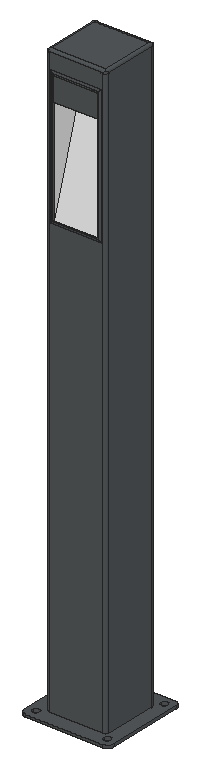
Revit family "svetilnik_alfresco_ar deko_dtu19", category Lighting Fixtures, Revit 2016 (continued)
Definition of nested family "Источник света Ар_Деко"
  Types (5, lengths in mm): name | Photometric Web File | built-in parameter 1150142
    2 | "DTU19ArDeco4w.ies" | "IESNA:LM-63-1995\r\n[TEST] alf\r\n[MANUFAC] Alfresco\r\n[LUMCAT]  \r\n[LUMINAIRE] Ar Deco LED 4000K\r\n[LAMPCAT] LED\r\n[LAMP] 300 lm, 4 W\r\n[OTHER] \r\n[MORE] \r\nTILT=NONE\r\n1 300 0.5 181 144 1 2 0.200 0.230 0.100\r\n1.0 1.0 4\r\n   0.0   1.0   2.0   3.0   4.0   5.0   6.0   7.0   8.0   9.0  10.0  11.0  12.0\r\n  13.0  14.0  15.0  16.0  17.0  18.0  19.0  20.0  21.0  22.0  23.0  24.0  25.0\r\n  26.0  27.0  28.0  29.0  30.0  31.0  32.0  33.0  34.0  35.0  36.0  37.0  38.0\r\n  39.0  40.0  41.0  42.0  43.0  44.0  45.0  46.0  47.0  48.0  49.0  50.0  51.0\r\n  52.0  53.0  54.0  55.0  56.0  57.0  58.0  59.0  60.0  61.0  62.0  63.0  64.0\r\n  65.0  66.0  67.0  68.0  69.0  70.0  71.0  72.0  73.0  74.0  75.0  76.0  77.0\r\n  78.0  79.0  80.0  81.0  82.0  83.0  84.0  85.0  86.0  87.0  88.0  89.0  90.0\r\n  91.0  92.0  93.0  94.0  95.0  96.0  97.0  98.0  99.0 100.0 101.0 102.0 103.0\r\n 104.0 105.0 106.0 107.0 108.0 109.0 110.0 111.0 112.0 113.0 114.0 115.0 116.0\r\n 117.0 118.0 119.0 120.0 121.0 122.0 123.0 124.0 125.0 126.0 127.0 128.0 129.0\r\n 130.0 131.0 132.0 133.0 134.0 135.0 136.0 137.0 138.0 139.0 140.0 141.0 142.0\r\n 143.0 144.0 145.0 146.0 147.0 148.0 149.0 150.0 151.0 152.0 153.0 154.0 155.0\r\n 156.0 157.0 158.0 159.0 160.0 161.0 162.0 163.0 164.0 165.0 166.0 167.0 168.0\r\n 169.0 170.0 171.0 172.0 173.0 174.0 175.0 176.0 177.0 178.0 179.0 180.0\r\n   0.0   2.5   5.0   7.5  10.0  12.5  15.0  17.5  20.0  22.5  25.0  27.5  30.0\r\n  32.5  35.0  37.5  40.0  42.5  45.0  47.5  50.0  52.5  55.0  57.5  60.0  62.5\r\n  65.0  67.5  70.0  72.5  75.0  77.5  80.0  82.5  85.0  87.5  90.0  92.5  95.0\r\n  97.5 100.0 102.5 105.0 107.5 110.0 112.5 115.0 117.5 120.0 122.5 125.0 127.5\r\n 130.0 132.5 135.0 137.5 140.0 142.5 145.0 147.5 150.0 152.5 155.0 157.5 160.0\r\n 162.5 165.0 167.5 170.0 172.5 175.0 177.5 180.0 182.5 185.0 187.5 190.0 192.5\r\n 195.0 197.5 200.0 202.5 205.0 207.5 210.0 212.5 215.0 217.5 220.0 222.5 225.0\r\n 227.5 230.0 232.5 235.0 237.5 240.0 242.5 245.0 247.5 250.0 252.5 255.0 257.5\r\n 260.0 262.5 265.0 267.5 270.0 272.5 275.0 277.5 280.0 282.5 285.0 287.5 290.0\r\n 292.5 295.0 297.5 300.0 302.5 305.0 307.5 310.0 312.5 315.0 317.5 320.0 322.5\r\n 325.0 327.5 330.0 332.5 335.0 337.5 340.0 342.5 345.0 347.5 350.0 352.5 355.0\r\n 357.5\r\n       0.0       0.0       0.3       0.2       0.3       0.2       0.2       0.2\r\n       0.3       0.4       0.3       0.6      42.2     117.1     170.7     214.2\r\n     258.7     319.6     369.3     451.0     520.0     533.0     535.9     537.3\r\n     538.1     538.9     540.3     540.7     541.3     539.5     539.1     541.1\r\n     537.8     538.1     538.0     534.4     536.2     536.2     536.0     534.2\r\n     534.6     534.5     531.1     526.4     523.8     518.6     512.4     510.6\r\n     507.9     508.0     504.1     496.7     479.1     456.8     426.3     398.5\r\n     375.1     358.5     344.5     328.6     309.2     299.3     289.2     271.3\r\n     255.6     247.7     236.6     219.3     199.9     188.8     177.4     168.0\r\n     146.3     133.2     112.5      99.6      89.3      71.8      54.9      33.8\r\n      15.4       2.2       0.4       0.3       0.3       0.3       0.3       0.3\r\n       0.3       0.3       0.3       0.3       0.3       0.3       0.3       0.3\r\n       0.3       0.3       0.3       0.3       0.3       0.3       0.3       0.3\r\n       0.3       0.3       0.3       0.3       0.3       0.3       0.3       0.3\r\n       0.3       0.3       0.4       0.3       0.3       0.3       0.3       0.3\r\n       0.3       0.3       0.3       0.3       0.3       0.3       0.3       0.3\r\n       0.3       0.3       0.3       0.3       0.4       0.3       0.3       0.3\r\n       0.3       0.3       0.3       0.3       0.3       0.3       0.3       0.4\r\n       0.3       0.4       0.3       0.3       0.4       0.4       0.3       0.3\r\n       0.3       0.3       0.4       0.4       0.4       0.3       0.4       0.3\r\n       0.4       0.3       0.3       0.3       0.3       0.3       0.3       0.3\r\n       0.3       0.3       0.3       0.2       0.1       0.1       0.1       0.1\r\n       0.1       0.1       0.0       0.0       0.0\r\n       0.0       0.0       0.3       0.2       0.3       0.2       0.2       0.2\r\n       0.3       0.4       0.3       0.5      41.0     117.7     171.3     215.4\r\n     260.8     325.4     378.6     456.3     517.0     532.5     531.2     530.6\r\n     533.8     535.4     537.1     536.8     539.4     539.8     540.8     537.7\r\n     538.8     539.1     536.6     538.5     538.5     534.2     532.0     530.3\r\n     527.0     525.0     524.0     520.7     516.4     516.6     521.3     520.7\r\n     515.6     508.0     502.8     491.4     475.0     452.1     422.1     394.1\r\n     372.7     356.3     342.1     325.4     311.5     302.9     290.4     269.2\r\n     249.8     239.8     231.4     216.1     200.7     190.4     184.1     168.2\r\n     151.5     134.0     110.8      93.3      87.5      70.4      51.7      31.3\r\n      11.2       1.4       0.3       0.2       0.3       0.3       0.2       0.3\r\n       0.3       0.3       0.3       0.3       0.3       0.3       0.3       0.3\r\n       0.3       0.3       0.3       0.3       0.3       0.3       0.3       0.3\r\n       0.3       0.3       0.3       0.3       0.3       0.3       0.3       0.3\r\n       0.3       0.3       0.3       0.3       0.3       0.3       0.3       0.3\r\n       0.3       0.3       0.3       0.3       0.3       0.3       0.3       0.3\r\n       0.3       0.3       0.3       0.3       0.3       0.3       0.3       0.3\r\n       0.3       0.3       0.3       0.3       0.3       0.3       0.3       0.3\r\n       0.3       0.3       0.3       0.3       0.3       0.3       0.3       0.3\r\n       0.3       0.3       0.3       0.3       0.3       0.3       0.3       0.3\r\n       0.3       0.3       0.3       0.3       0.3       0.3       0.3       0.3\r\n       0.3       0.3       0.3       0.2       0.1       0.1       0.1       0.1\r\n       0.1       0.1       0.0       0.0       0.0\r\n       0.0       0.0       0.3       0.2       0.3       0.2       0.2       0.2\r\n       0.3       0.4       0.3       0.5      37.1     116.6     171.3     213.0\r\n     256.4     316.4     371.9     447.1     517.9     530.3     527.4     530.0\r\n     532.0     533.4     534.7     538.3     537.7     537.7     539.1     537.0\r\n     539.6     538.7     536.7     536.3     535.7     535.0     531.7     528.4\r\n     525.6     522.4     519.0     519.8     521.5     516.3     509.2     504.6\r\n     499.6     497.0     491.2     484.9     473.6     454.6     426.7     394.4\r\n     372.6     354.1     339.1     322.1     304.7     296.7     285.9     264.5\r\n     250.2     241.4     232.9     222.3     204.4     193.5     181.5     167.0\r\n     144.6     128.3     108.2      97.8      87.7      72.8      54.3      33.6\r\n      13.7       2.0       0.3       0.3       0.3       0.3       0.3       0.3\r\n       0.3       0.3       0.3       0.3       0.3       0.3       0.3       0.3\r\n       0.3       0.3       0.3       0.3       0.3       0.3       0.3       0.3\r\n       0.3       0.3       0.3       0.3       0.3       0.3       0.3       0.3\r\n       0.3       0.3       0.3       0.3       0.3       0.3       0.3       0.3\r\n       0.3       0.3       0.3       0.3       0.3       0.3       0.3       0.3\r\n       0.3       0.3       0.3       0.3       0.3       0.2       0.3       0.2\r\n       0.3       0.3       0.3       0.3       0.3       0.3       0.3       0.3\r\n       0.3       0.3       0.3       0.3       0.3       0.3       0.3       0.3\r\n       0.3       0.3       0.3       0.3       0.3       0.3       0.3       0.3\r\n       0.3       0.3       0.3       0.3       0.3       0.3       0.3       0.3\r\n       0.3       0.3       0.3       0.2       0.1       0.1       0.1       0.1\r\n       0.1       0.1       0.0       0.0       0.0\r\n       0.0       0.0       0.3       0.2       0.3       0.2       0.2       0.2\r\n       0.3       0.4       0.3       0.4      31.5     112.4     168.7     208.9\r\n     248.4     300.9     354.4     425.2     517.9     531.8     530.2     529.9\r\n     530.6     536.5     536.2     538.3     536.7     539.1     540.4     539.2\r\n     537.9     531.5     533.7     529.8     525.5     525.8     526.8     527.4\r\n     527.9     526.1     524.3     519.1     514.8     507.6     503.3     501.5\r\n     500.6     497.9     490.3     484.7     474.8     447.6     417.2     391.8\r\n     365.8     347.7     336.4     320.2     303.1     292.4     281.7     264.5\r\n     248.6     241.5     230.1     215.3     197.6     185.6     180.3     164.6\r\n     145.8     129.7     111.5      94.4      87.2      71.8      52.4      30.0\r\n       9.8       1.8       0.3       0.2       0.2       0.2       0.2       0.2\r\n       0.2       0.2       0.2       0.2       0.2       0.2       0.2       0.2\r\n       0.2       0.2       0.2       0.2       0.2       0.2       0.2       0.2\r\n       0.2       0.2       0.2       0.2       0.2       0.2       0.2       0.2\r\n       0.2       0.2       0.2       0.2       0.2       0.2       0.2       0.3\r\n       0.2       0.2       0.2       0.3       0.3       0.2       0.2       0.2\r\n       0.2       0.2       0.2       0.2       0.2       0.2       0.2       0.3\r\n       0.3       0.3       0.3       0.3       0.3       0.3       0.3       0.3\r\n       0.3       0.3       0.3       0.3       0.3       0.3       0.3       0.3\r\n       0.3       0.3       0.3       0.3       0.3       0.3       0.3       0.3\r\n       0.3       0.3       0.3       0.3       0.3       0.3       0.3       0.3\r\n       0.3       0.3       0.3       0.2       0.1       0.1       0.1       0.1\r\n       0.1       0.1       0.0       0.0       0.0\r\n       0.0       0.0       0.3       0.2       0.3       0.2       0.2       0.2\r\n       0.3       0.4       0.3       0.4      24.8     106.4     163.6     206.3\r\n     243.7     291.4     344.2     412.1     509.4     531.4     536.1     533.0\r\n     534.5     532.9     533.5     534.3     531.7     535.9     534.5     534.5\r\n     533.7     536.8     533.2     532.0     529.5     529.5     526.3     520.8\r\n     518.4     513.6     509.1     504.7     501.3     500.4     500.1     498.3\r\n     494.3     492.8     492.5     486.7     472.0     455.7     428.9     397.0\r\n     373.1     355.6     342.6     322.3     305.8     298.4     287.7     272.8\r\n     252.2     238.0     232.3     218.8     200.2     187.3     178.3     166.9\r\n     148.8     131.4     112.9      98.6      86.1      72.1      52.4      35.6\r\n      14.2       2.5       0.3       0.2       0.2       0.2       0.2       0.2\r\n       0.2       0.2       0.2       0.2       0.2       0.2       0.2       0.2\r\n       0.2       0.2       0.2       0.2       0.2       0.2       0.2       0.2\r\n       0.2       0.2       0.2       0.2       0.2       0.2       0.2       0.2\r\n       0.2       0.2       0.2       0.2       0.2       0.2       0.2       0.2\r\n       0.2       0.2       0.2       0.2       0.2       0.2       0.2       0.2\r\n       0.2       0.2       0.2       0.2       0.2       0.2       0.2       0.2\r\n       0.2       0.2       0.2       0.3       0.3       0.3       0.3       0.3\r\n       0.3       0.2       0.3       0.3       0.3       0.3       0.3       0.3\r\n       0.3       0.2       0.3       0.3       0.3       0.3       0.3       0.3\r\n       0.3       0.3       0.3       0.3       0.3       0.3       0.3       0.3\r\n       0.3       0.3       0.3       0.2       0.1       0.1       0.1       0.1\r\n       0.1       0.1       0.0       0.0       0.0\r\n       0.0       0.0       0.3       0.2       0.3       0.2       0.2       0.2\r\n       0.3       0.3       0.3       0.4      17.1      98.3     157.9     203.3\r\n     243.5     288.8     341.5     399.2     498.2     531.6     536.5     539.6\r\n     536.4     535.9     534.9     534.3     537.2     534.7     532.7     533.5\r\n     531.0     532.8     532.9     531.4     529.8     523.6     521.7     518.2\r\n     512.8     512.5     514.0     513.7     510.4     508.2     506.0     498.4\r\n     492.2     489.1     485.6     482.1     471.4     456.6     430.8     403.0\r\n     372.4     350.6     337.0     324.2     306.0     294.1     282.4     263.5\r\n     245.0     237.5     228.3     216.6     199.1     184.5     174.7     163.3\r\n     145.1     131.5     113.4      96.6      84.9      69.5      52.7      30.9\r\n      11.2       1.5       0.2       0.2       0.2       0.2       0.2       0.2\r\n       0.2       0.2       0.2       0.2       0.2       0.2       0.2       0.2\r\n       0.2       0.2       0.2       0.2       0.2       0.2       0.2       0.2\r\n       0.2       0.2       0.2       0.2       0.2       0.2       0.2       0.2\r\n       0.2       0.2       0.2       0.2       0.2       0.2       0.2       0.2\r\n       0.2       0.2       0.2       0.2       0.2       0.2       0.2       0.2\r\n       0.2       0.2       0.2       0.2       0.2       0.2       0.2       0.2\r\n       0.2       0.2       0.2       0.2       0.2       0.2       0.3       0.2\r\n       0.2       0.2       0.2       0.3       0.2       0.3       0.3       0.2\r\n       0.3       0.3       0.3       0.3       0.3       0.3       0.3       0.3\r\n       0.3       0.3       0.3       0.3       0.3       0.3       0.3       0.3\r\n       0.3       0.3       0.3       0.2       0.1       0.1       0.1       0.1\r\n       0.1       0.1       0.0       0.0       0.0\r\n       0.0       0.0       0.3       0.2       0.3       0.2       0.2       0.2\r\n       0.3       0.3       0.3       0.3      10.3      87.0     151.7     196.3\r\n     240.3     285.3     341.4     390.0     481.8     528.6     532.2     535.8\r\n     537.8     534.6     535.8     536.9     531.3     531.2     531.1     530.2\r\n     530.5     528.0     526.8     526.7     526.2     527.2     525.7     523.0\r\n     522.0     521.3     519.5     512.2     509.3     506.1     499.4     493.6\r\n     491.7     489.9     484.0     481.1     477.4     461.1     435.9     406.7\r\n     376.0     357.7     343.1     328.4     309.8     294.8     284.4     275.9\r\n     255.3     241.5     231.8     221.0     201.3     186.3     177.9     166.5\r\n     151.5     131.3     114.1      94.6      84.8      75.3      57.0      38.1\r\n      17.3       3.9       0.3       0.2       0.2       0.2       0.2       0.2\r\n       0.2       0.2       0.2       0.2       0.2       0.2       0.2       0.2\r\n       0.2       0.2       0.2       0.2       0.2       0.2       0.2       0.2\r\n       0.2       0.2       0.2       0.2       0.2       0.2       0.2       0.2\r\n       0.2       0.2       0.2       0.2       0.2       0.2       0.2       0.2\r\n       0.2       0.2       0.2       0.2       0.2       0.2       0.2       0.2\r\n       0.2       0.2       0.2       0.2       0.2       0.2       0.2       0.2\r\n       0.2       0.2       0.2       0.2       0.2       0.2       0.2       0.2\r\n       0.2       0.2       0.2       0.2       0.2       0.2       0.2       0.3\r\n       0.2       0.3       0.3       0.2       0.3       0.2       0.3       0.2\r\n       0.3       0.3       0.3       0.3       0.3       0.3       0.3       0.3\r\n       0.3       0.3       0.3       0.2       0.1       0.1       0.1       0.1\r\n       0.1       0.1       0.0       0.0       0.0\r\n       0.0       0.0       0.3       0.2       0.3       0.2       0.2       0.2\r\n       0.3       0.3       0.3       0.3       5.6      74.0     142.7     185.2\r\n     227.7     273.3     331.6     380.2     456.3     516.8     525.8     527.5\r\n     529.4     529.3     531.3     530.5     530.9     531.4     533.3     533.4\r\n     529.7     529.5     529.1     528.6     524.5     522.5     521.5     523.8\r\n     519.8     515.4     510.4     509.3     510.5     504.9     496.0     496.7\r\n     495.8     485.4     481.7     478.5     470.5     458.7     435.0     404.8\r\n     378.5     352.6     336.8     324.0     302.7     289.1     279.9     268.3\r\n     250.2     234.6     224.6     215.6     198.0     184.8     177.1     168
      .2\r\n     148.5     131.1     112.8      92.9      83.8      71.8      53.2      32.4\r\n      14.6       2.9       0.3       0.2       0.2       0.2       0.2       0.2\r\n       0.2       0.2       0.2       0.2       0.2       0.2       0.2       0.2\r\n       0.2       0.2       0.2       0.2       0.2       0.2       0.2       0.2\r\n       0.2       0.2       0.2       0.2       0.2       0.2       0.2       0.2\r\n       0.2       0.2       0.2       0.2       0.2       0.2       0.2       0.2\r\n       0.2       0.2       0.2       0.2       0.2       0.2       0.2       0.2\r\n       0.2       0.2       0.2       0.2       0.2       0.2       0.2       0.2\r\n       0.2       0.2       0.2       0.2       0.2       0.2       0.2       0.2\r\n       0.2       0.2       0.2       0.2       0.2       0.2       0.2       0.2\r\n       0.2       0.2       0.2       0.2       0.2       0.2       0.2       0.2\r\n       0.2       0.2       0.3       0.3       0.3       0.3       0.3       0.3\r\n       0.3       0.2       0.3       0.2       0.1       0.1       0.1       0.1\r\n       0.1       0.1       0.0       0.0       0.0\r\n       0.0       0.0       0.3       0.2       0.3       0.2       0.2       0.2\r\n       0.2       0.3       0.3       0.3       3.0      57.8     131.2     175.8\r\n     213.9     254.2     309.6     361.5     426.3     496.4     518.3     521.6\r\n     522.0     526.5     528.8     527.3     530.1     530.1     527.9     528.1\r\n     529.6     526.1     525.1     523.4     523.8     521.6     519.7     517.2\r\n     510.9     512.1     510.7     505.4     500.1     500.7     500.9     495.3\r\n     491.0     489.0     484.7     473.8     466.1     457.6     442.3     420.5\r\n     390.4     360.6     339.4     324.4     309.2     294.8     282.2     270.2\r\n     253.6     236.1     225.6     220.7     207.6     187.4     175.1     164.9\r\n     150.6     131.6     116.0      97.2      85.2      73.7      59.6      42.3\r\n      20.7       4.6       0.6       0.2       0.2       0.2       0.2       0.2\r\n       0.2       0.2       0.2       0.2       0.2       0.2       0.2       0.2\r\n       0.2       0.2       0.2       0.2       0.2       0.2       0.2       0.2\r\n       0.2       0.2       0.2       0.2       0.2       0.2       0.2       0.2\r\n       0.2       0.2       0.2       0.2       0.2       0.2       0.2       0.2\r\n       0.2       0.2       0.2       0.2       0.2       0.2       0.2       0.2\r\n       0.2       0.2       0.2       0.2       0.2       0.2       0.2       0.2\r\n       0.2       0.2       0.2       0.2       0.2       0.2       0.2       0.2\r\n       0.2       0.2       0.2       0.2       0.2       0.2       0.2       0.2\r\n       0.2       0.2       0.2       0.2       0.2       0.2       0.2       0.2\r\n       0.2       0.2       0.3       0.3       0.3       0.3       0.3       0.3\r\n       0.3       0.2       0.2       0.2       0.1       0.1       0.1       0.1\r\n       0.1       0.1       0.0       0.0       0.0\r\n       0.0       0.0       0.3       0.2       0.3       0.2       0.2       0.2\r\n       0.2       0.3       0.3       0.3       1.6      39.6     116.9     167.7\r\n     204.9     239.5     287.5     343.8     402.9     479.9     517.1     516.6\r\n     519.4     523.2     523.0     523.6     523.4     524.0     522.8     521.7\r\n     522.0     522.2     521.9     522.1     521.8     519.6     518.8     515.6\r\n     516.6     512.9     511.5     509.2     505.1     500.1     495.2     490.9\r\n     488.2     483.0     478.7     473.7     468.9     461.8     447.7     422.6\r\n     393.9     365.1     342.3     324.4     311.4     292.9     280.4     272.3\r\n     258.8     239.3     223.7     215.5     206.0     186.9     173.0     163.6\r\n     147.2     129.9     113.1      96.6      82.6      73.5      59.7      39.4\r\n      21.3       3.1       0.3       0.2       0.2       0.2       0.2       0.2\r\n       0.2       0.2       0.2       0.2       0.2       0.2       0.2       0.2\r\n       0.2       0.2       0.2       0.2       0.2       0.2       0.2       0.2\r\n       0.2       0.2       0.2       0.2       0.2       0.2       0.2       0.2\r\n       0.2       0.2       0.2       0.2       0.2       0.2       0.2       0.2\r\n       0.2       0.2       0.2       0.2       0.2       0.2       0.2       0.2\r\n       0.2       0.2       0.2       0.2       0.2       0.2       0.2       0.2\r\n       0.2       0.2       0.2       0.2       0.2       0.2       0.2       0.2\r\n       0.2       0.2       0.2       0.2       0.2       0.2       0.2       0.2\r\n       0.2       0.2       0.2       0.2       0.2       0.2       0.2       0.2\r\n       0.2       0.2       0.2       0.2       0.2       0.3       0.3       0.3\r\n       0.3       0.2       0.2       0.2       0.1       0.1       0.1       0.1\r\n       0.1       0.1       0.0       0.0       0.0\r\n       0.0       0.0       0.3       0.2       0.2       0.2       0.1       0.1\r\n       0.2       0.3       0.3       0.3       0.8      24.4      98.1     155.5\r\n     197.5     231.7     271.0     326.4     379.4     449.5     511.6     519.7\r\n     520.4     522.0     522.0     524.0     524.2     522.1     525.8     522.8\r\n     522.7     520.4     520.4     519.3     520.3     519.2     516.3     512.7\r\n     510.1     508.6     505.0     502.2     498.2     496.8     493.5     487.8\r\n     481.2     476.8     475.1     469.4     462.9     458.2     450.1     432.8\r\n     407.9     374.0     346.2     326.5     311.5     296.7     279.6     267.5\r\n     258.5     243.5     226.3     214.7     205.7     188.7     172.0     163.4\r\n     152.6     135.9     120.9     106.4      89.0      76.8      60.2      42.1\r\n      21.9       6.7       1.0       0.2       0.2       0.2       0.2       0.2\r\n       0.2       0.2       0.2       0.2       0.2       0.2       0.2       0.2\r\n       0.2       0.2       0.2       0.2       0.2       0.2       0.2       0.2\r\n       0.2       0.2       0.2       0.2       0.2       0.2       0.2       0.2\r\n       0.2       0.2       0.2       0.2       0.2       0.2       0.2       0.2\r\n       0.2       0.2       0.2       0.2       0.2       0.2       0.2       0.2\r\n       0.2       0.2       0.2       0.2       0.2       0.2       0.2       0.2\r\n       0.2       0.2       0.2       0.2       0.2       0.2       0.2       0.2\r\n       0.2       0.2       0.2       0.2       0.2       0.2       0.2       0.2\r\n       0.2       0.2       0.2       0.2       0.2       0.2       0.2       0.2\r\n       0.2       0.2       0.2       0.2       0.2       0.3       0.3       0.3\r\n       0.3       0.2       0.2       0.2       0.1       0.1       0.1       0.1\r\n       0.1       0.1       0.0       0.0       0.0\r\n       0.0       0.0       0.3       0.2       0.2       0.1       0.1       0.1\r\n       0.2       0.3       0.3       0.3       0.4      12.8      75.6     139.3\r\n     184.5     221.9     257.5     307.2     359.1     425.9     491.7     520.2\r\n     521.2     519.3     520.9     520.9     520.0     518.8     518.9     518.1\r\n     516.0     516.9     513.6     512.2     510.0     509.2     508.0     507.5\r\n     504.7     502.8     498.6     498.8     493.5     488.2     485.7     479.7\r\n     479.5     474.0     467.7     459.3     455.2     448.4     441.6     427.0\r\n     409.5     386.2     359.5     333.6     313.4     297.2     277.5     262.9\r\n     256.2     242.3     223.5     210.3     200.2     187.1     172.0     159.0\r\n     149.0     135.2     114.9      99.9      81.8      73.6      61.0      45.9\r\n      25.8       9.6       0.6       0.2       0.2       0.2       0.2       0.2\r\n       0.2       0.2       0.2       0.2       0.2       0.2       0.2       0.2\r\n       0.2       0.2       0.2       0.2       0.2       0.2       0.2       0.2\r\n       0.2       0.2       0.2       0.2       0.2       0.2       0.2       0.2\r\n       0.2       0.2       0.2       0.2       0.2       0.2       0.2       0.2\r\n       0.2       0.2       0.2       0.2       0.2       0.2       0.2       0.2\r\n       0.2       0.2       0.2       0.2       0.2       0.2       0.2       0.2\r\n       0.2       0.2       0.2       0.2       0.2       0.2       0.2       0.2\r\n       0.2       0.2       0.2       0.2       0.2       0.2       0.2       0.2\r\n       0.2       0.2       0.2       0.2       0.2       0.2       0.2       0.2\r\n       0.2       0.2       0.2       0.2       0.2       0.3       0.3       0.3\r\n       0.3       0.2       0.2       0.2       0.1       0.1       0.1       0.1\r\n       0.1       0.1       0.0       0.0       0.0\r\n       0.0       0.0       0.3       0.2       0.2       0.1       0.1       0.1\r\n       0.2       0.3       0.3       0.3       0.3       5.2      51.5     120.8\r\n     166.9     206.4     243.7     285.3     335.3     390.7     465.9     512.5\r\n     520.0     518.1     517.4     517.9     519.2     516.1     513.0     513.7\r\n     513.5     513.6     511.7     508.8     502.8     504.8     501.6     501.9\r\n     500.6     495.0     488.6     485.0     484.3     484.3     476.8     474.7\r\n     473.9     467.6     462.5     459.8     451.6     444.8     439.7     429.0\r\n     413.1     391.0     362.7     336.9     316.9     300.0     284.3     268.8\r\n     253.6     240.8     222.8     207.8     198.8     189.8     173.2     158.0\r\n     149.7     138.9     121.7     104.0      85.7      73.0      63.0      46.5\r\n      28.9      10.6       1.5       0.2       0.2       0.2       0.2       0.2\r\n       0.2       0.2       0.2       0.2       0.2       0.2       0.2       0.2\r\n       0.2       0.2       0.2       0.2       0.2       0.2       0.2       0.2\r\n       0.2       0.2       0.2       0.2       0.2       0.2       0.2       0.2\r\n       0.2       0.2       0.2       0.2       0.2       0.2       0.2       0.2\r\n       0.2       0.2       0.2       0.2       0.2       0.2       0.2       0.2\r\n       0.2       0.2       0.2       0.2       0.2       0.2       0.2       0.2\r\n       0.2       0.2       0.2       0.2       0.2       0.2       0.2       0.2\r\n       0.2       0.2       0.2       0.2       0.2       0.2       0.2       0.2\r\n       0.2       0.2       0.2       0.2       0.2       0.2       0.2       0.2\r\n       0.2       0.2       0.2       0.2       0.2       0.2       0.3       0.3\r\n       0.3       0.2       0.2       0.2       0.1       0.1       0.1       0.1\r\n       0.1       0.1       0.0       0.0       0.0\r\n       0.0       0.0       0.3       0.2       0.2       0.1       0.1       0.1\r\n       0.2       0.3       0.3       0.3       0.2       2.0      29.2      96.4\r\n     148.8     190.1     226.0     262.2     306.3     356.1     424.8     486.5\r\n     515.6     514.6     514.5     510.8     510.1     512.6     511.6     508.2\r\n     507.1     506.4     505.1     503.3     503.2     497.2     497.1     493.3\r\n     491.6     490.2     489.0     486.3     480.9     476.9     475.0     470.7\r\n     463.8     460.1     452.6     450.4     447.5     444.0     437.7     429.1\r\n     416.0     397.4     374.0     344.9     324.5     305.6     288.9     266.9\r\n     255.9     243.2     231.3     214.4     201.9     192.3     177.4     160.8\r\n     147.2     133.6     120.7     102.5      87.6      71.5      61.0      50.6\r\n      33.3      15.1       2.6       0.2       0.2       0.2       0.2       0.2\r\n       0.2       0.2       0.2       0.2       0.2       0.2       0.2       0.2\r\n       0.2       0.2       0.2       0.2       0.2       0.2       0.2       0.2\r\n       0.2       0.2       0.2       0.2       0.2       0.2       0.2       0.2\r\n       0.2       0.2       0.2       0.2       0.2       0.2       0.2       0.2\r\n       0.2       0.2       0.2       0.2       0.2       0.2       0.2       0.2\r\n       0.2       0.2       0.2       0.2       0.2       0.2       0.2       0.2\r\n       0.2       0.2       0.2       0.2       0.2       0.2       0.2       0.2\r\n       0.2       0.2       0.2       0.2       0.2       0.2       0.2       0.2\r\n       0.2       0.2       0.2       0.2       0.2       0.2       0.2       0.2\r\n       0.2       0.2       0.2       0.2       0.2       0.2       0.2       0.3\r\n       0.3       0.2       0.2       0.2       0.1       0.1       0.1       0.1\r\n       0.1       0.1       0.0       0.0       0.0\r\n       0.0       0.0       0.3       0.2       0.2       0.1       0.1       0.1\r\n       0.2       0.3       0.3       0.2       0.2       0.8      12.2      68.4\r\n     127.8     171.5     207.5     241.0     280.9     323.6     377.4     445.8\r\n     499.9     511.4     513.9     510.9     509.2     507.1     508.8     505.4\r\n     503.2     501.3     500.9     501.3     497.2     495.2     489.0     487.4\r\n     482.5     479.5     479.6     476.7     473.8     469.8     465.6     465.3\r\n     460.3     452.3     448.6     439.3     433.5     426.9     420.0     416.8\r\n     410.0     399.0     377.6     351.9     324.1     297.9     286.6     272.5\r\n     253.2     238.1     228.5     211.1     194.4     184.3     174.8     160.3\r\n     146.1     134.7     123.8     104.8      91.5      73.2      63.4      49.4\r\n      35.9      16.1       3.6       0.3       0.2       0.2       0.2       0.2\r\n       0.2       0.2       0.2       0.2       0.2       0.2       0.2       0.2\r\n       0.2       0.2       0.2       0.2       0.2       0.2       0.2       0.2\r\n       0.2       0.2       0.2       0.2       0.2       0.2       0.2       0.2\r\n       0.2       0.2       0.2       0.2       0.2       0.2       0.2       0.2\r\n       0.2       0.2       0.2       0.2       0.2       0.2       0.2       0.2\r\n       0.2       0.2       0.2       0.2       0.2       0.2       0.2       0.2\r\n       0.2       0.2       0.2       0.2       0.2       0.2       0.2       0.2\r\n       0.2       0.2       0.2       0.2       0.2       0.2       0.2       0.2\r\n       0.2       0.2       0.2       0.2       0.2       0.2       0.2       0.2\r\n       0.2       0.2       0.2       0.2       0.2       0.2       0.2       0.3\r\n       0.3       0.2       0.2       0.2       0.1       0.1       0.1       0.1\r\n       0.1       0.1       0.0       0.0       0.0\r\n       0.0       0.0       0.3       0.2       0.2       0.1       0.1       0.1\r\n       0.2       0.3       0.3       0.2       0.2       0.3       3.5      41.9\r\n      99.2     149.7     186.9     222.5     255.2     293.4     338.2     394.3\r\n     458.3     500.9     504.8     507.9     505.3     506.1     502.2     501.3\r\n     500.2     496.1     492.9     490.6     490.4     484.3     484.9     482.2\r\n     477.7     476.7     471.1     466.6     467.5     464.6     460.3     449.2\r\n     447.5     446.3     437.9     434.1     429.6     426.5     420.9     411.6\r\n     406.0     396.4     382.7     363.1     334.8     306.9     283.8     269.9\r\n     252.8     239.7     226.7     215.5     198.0     182.7     172.3     159.6\r\n     145.2     134.4     122.3     106.7      89.6      75.0      62.9      53.5\r\n      40.2      22.5       4.4       0.7       0.2       0.2       0.2       0.2\r\n       0.2       0.2       0.2       0.2       0.2       0.2       0.2       0.2\r\n       0.2       0.2       0.2       0.2       0.2       0.2       0.2       0.2\r\n       0.2       0.2       0.2       0.2       0.2       0.2       0.2       0.2\r\n       0.2       0.2       0.2       0.2       0.2       0.2       0.2       0.2\r\n       0.2       0.2       0.2       0.2       0.2       0.2       0.2       0.2\r\n       0.2       0.2       0.2       0.2       0.2       0.2       0.2       0.2\r\n       0.2       0.2       0.2       0.2       0.2       0.2       0.2       0.2\r\n       0.2       0.2       0.2       0.2       0.2       0.2       0.2       0.2\r\n       0.2       0.2       0.2       0.2       0.2       0.2       0.2       0.2\r\n       0.2       0.2       0.2       0.2       0.2       0.2       0.2       0.2\r\n       0.3       0.2       0.2       0.2       0.1       0.1       0.1       0.1\r\n       0.1       0.1       0.0       0.0       0.0\r\n       0.0       0.0       0.3
